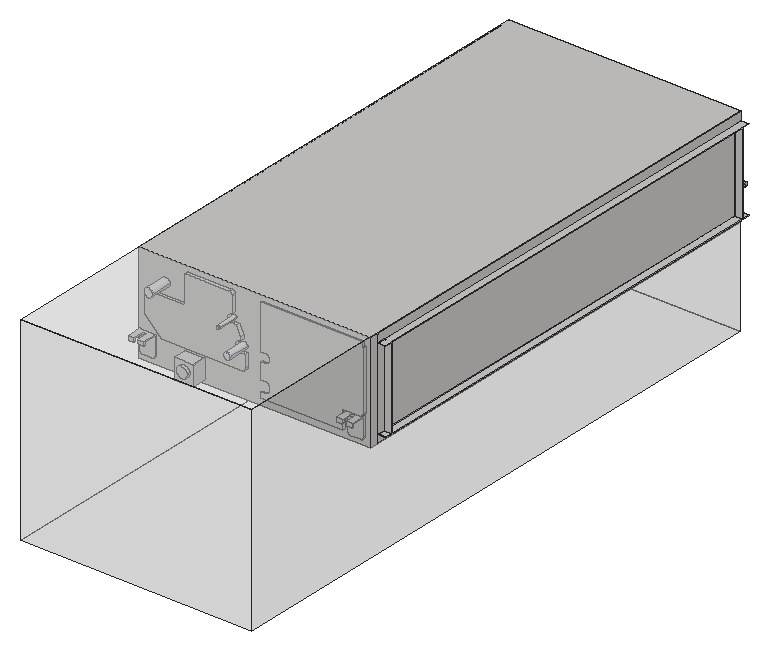
Revit family "outputfile", category 機械設備, Revit 2024
Family settings
  丸型コネクタ寸法 = 半径を使用
  パーツ タイプ = 標準
  OmniClass 番号 = 23.75.10.24.21.27.27
  OmniClass タイトル = Split System Air Conditioning Units
  作業面ベース = いいえ
  常に垂直 = はい
  ロード時にボイドで切り取り = いいえ
  注釈の向きを維持 = いいえ
  共有 = いいえ
  部屋計算ポイント = はい
Parameters (values of type "FXMQ200AFVM")
  Description = ""
  製造元 = "Daikin"
  書き出し IFC クラス(タイプ) = "IfcUnitaryEquipmentType"
  定義済み IFC タイプ(タイプ) = "AIRCONDITIONINGUNIT"
  Cost = 0
  モデル = "FXMQ200AFVM"
  Type Comments = ""
  Keynote = ""
  Type Image = (empty or 0)
  Assembly Code = ""
  w_dischargeflange = 1205.0 mm
  w_dsuctionflange = 1370.0 mm
  r_Liquid Pipe Size = Liquid Pipe Size / 2  # 4.75 mm
  r_Gas Pipe Size = Gas Pipe Size / 2  # 9.55 mm
  r_Drain Pipe Size = Drain Pipe Size / 2  # 12.5 mm
  lw_powersupply = 380.0 mm  # constant formula
  lw_mountinghole_pitch = 631.0 mm  # constant formula
  lw_mountinghole = 27.0 mm  # constant formula
  lw_maintenacesocket = 169.0 mm  # constant formula
  lw_liquidpipe = 290.0 mm  # constant formula
  lw_gaspipe = 318.0 mm  # constant formula
  lw_drainpipe = 80.0 mm  # constant formula
  lh_dischargeflange = 165.0 mm  # constant formula
  lh_powersupply = 56.0 mm  # constant formula
  lh_maintenacesocket = 40.0 mm  # constant formula
  lh_liquidpipe = 212.0 mm  # constant formula
  lh_gaspipe = 144.0 mm  # constant formula
  lh_drainpipe = 232.0 mm  # constant formula
  lh_suctionflange = 150.0 mm  # constant formula
  lh_antena = Height - lh_mountinghole + 1.0 mm  # 221.0 mm
  ld_dischargeflange = 635.0 mm
  ld_powersupply = Depth / 2  # 700.0 mm
  ld_mountinghole_pitch = 1438.0 mm
  ld_suctionflange = 713.0 mm
  h_dischargeflange = 265.0 mm  # constant formula
  lh_mountinghole = 80.0 mm  # constant formula
  h_mountinghole = [h***] + lh_mountinghole  # 80.0 mm
  h_suctionflange = 297.0 mm  # constant formula
  h*** = 0.0 mm  # constant formula
  d_dischargeflange = 25.0 mm  # constant formula
  d_pipe = 65.0 mm
  d_suctionflange = 25.0 mm  # constant formula
  Width = 700.0 mm
  Voltage_comment_60Hz = "220-230"
  Voltage_comment_50Hz = "220-240"
  Voltage_60Hz = 220 V
  Voltage_50Hz = 230 V
  Version = "ver.1.0"
  Unit Type = "Outdoor Air Processing Unit"
  Unit Mass Weight = 47.00 kg
  Unit Designation [instance] = ""
  Uniclass2015Version = "Products v1.30"
  Uniclass2015Title = "Variable refrigerant flow units"
  Uniclass2015Code = "Pr_70_65_03_94"
  URL = ""
  Total Heating Capacity [instance] = 0.000 kW
  Total Cooling Capacity [instance] = 0.000 kW
  Supply Air Direction [instance] = yes
  Sound Pressure Level_M speed (dBA) = 35
  Sound Pressure Level_L speed (dBA) = 26
  Sound Pressure Level_H speed (dBA) = 42
  Sound Power Level_H speed (dB) = 0
  Series = "VRV Fan Coil Unit"
  Sensible Cooling Capacity [instance] = 0.000 kW
  SA Duct Size Width = 1160.0 mm
  SA Duct Size Height = 215.0 mm
  Refrigerant Type = "R410A"
  Power Input (Heating) = 0.155 kW
  Power Input (Cooling) = 0.115 kW
  Phase_60Hz = 1
  Phase_50Hz = 1
  Option Accessory 3 [instance] = ""
  Option Accessory 2 [instance] = ""
  Option Accessory 1 [instance] = ""
  OA Duct Size Width = 1325.0 mm
  OA Duct Size Height = 247.0 mm
  Nominal Heating Capacity = 20.000 kW
  Nominal Cooling Capacity = 22.400 kW
  Minimum External Static Pressure = 50.00 Pa
  Minimum Circuit Amps_60Hz = 2.75 A
  Minimum Circuit Amps_50Hz = 2.75 A
  Minimum Airflow = 870.00 m³/h
  Median Airflow = 1308.00 m³/h
  Maximum Fuse Amps_60Hz = 16.0 A
  Maximum Fuse Amps_50Hz = 16.0 A
  Maximum External Static Pressure = 200.00 Pa
  Maximum Airflow = 1740.00 m³/h
  Material_Casing = DAIKIN_GalvanizedSteel_Casing_indoorunit
  Load Classification = HVAC
  Liquid Pipe Size = 9.5 mm
  Link_Nested Family [instance] = ""
  IfcVersion = "0"
  IfcExportType = "AIRCONDITIONINGUNIT"
  IfcExportAs = "IfcUnitaryEquipmentType"
  Height = 300.0 mm
  Heating Entering Wet Bulb Temperature [instance] = 0.00 °C
  Heating Entering Dry Bulb Temperature [instance] = 0.00 °C
  Heating Ambient Wet Bulb Temperature [instance] = 0.00 °C
  Heating Ambient Dry Bulb Temperature [instance] = 0.00 °C
  Heat Exchanger Type = "Cross Fin Coil"
  Gas Pipe Size = 19.1 mm
  Frequency_60Hz = 60 Hz
  Frequency_50Hz = 50 Hz
  Fan Type = "Sirocco Fan"
  Fan Drive = "Direct Drive"
  FCU Tag No. [instance] = ""
  Drain Pipe Size = 25.0 mm
  Design Supply Airflow [instance] = 0.00 m³/h
  Design Outdoor Airflow [instance] = 0.00 m³/h
  Design External Static Pressure [instance] = 0.00 Pa
  Depth = 1400.0 mm
  既定の高さ = 0.0 mm
  Cooling Entering Wet Bulb Temperature [instance] = 0.00 °C
  Cooling Entering Dry Bulb Temperature [instance] = 0.00 °C
  Cooling Ambient Wet Bulb Temperature [instance] = 0.00 °C
  Cooling Ambient Dry Bulb Temperature [instance] = 0.00 °C
  Clearance visibility [instance] = yes
  Clearance Top = 0.0 mm
  Clearance Right = 0.0 mm
  Clearance Rear = 0.0 mm
  Clearance Left = 0.0 mm
  Clearance Front = 450.0 mm
  Clearance Bottom = 300.0 mm
Reference planes
  plane 1 "Center (Front/Back)": y = 0
  plane 2: z = 0
  plane 3 "Center (Left/Right)": x = 0
  plane 4 "Back": y = 700
  plane 5 "Front": y = -700
  plane 6 "Left": x = -350
  plane 7 "Right": x = 350
  plane 8 "Top": z = 0
  plane 9 "Bottom": z = -300
  plane 10: y = 700
  plane 11: y = -1150
  plane 12: x = 350
  plane 13: x = -350
  plane 14: z = 0
  plane 15: z = -600
  plane 16: y = -706
  plane 17: y = -710
  plane 18: y = -741
  plane 19: y = -749
  plane 20: y = -765
  plane 21 "ld_drainpipe": x = -270
  plane 22 "ld_liquidpipe": x = -60
  plane 23 "ld_gaspipe": x = -32
  plane 24 "lh_gaspipe": z = -156
  plane 25 "lh_drainpipe": z = -68
  plane 26 "lh_liquidpipe": z = -88
  plane 27 "h_mountinghole": z = -220
  plane 28: x = -323
  plane 29: x = 308
  plane 30: y = 719
  plane 31: y = -719
  plane 32 "lh_powersuply": z = -244
  plane 33 "ld_powersupply": x = 30
  plane 34 "lh_dischargeflange": z = -150
  plane 35 "ld_dischargeflange": y = 13
  plane 36 "ld_suctionflange": y = 65
  plane 37 "lh_suctionflange": z = -135
  plane 38 "lh_maintenacesocket": z = -260
  plane 39 "lw_maintenacesocket": x = -181
Forms (mm)
  Extrusion 1, solid, material "DAIKIN_GalvanizedSteel_Casing_indoorunit" <- "Material_Casing"
    sketch origin (0, 0, 0) x (1, 0, 0) y (0, 0, 1)
      loop
        line (-350, 0) -> (-350, -300) -> (350, -300) -> (350, 0) -> (-350, 0)
    from -700 to 700
  Extrusion 2, solid, material "DAIKIN_GalvanizedSteel_Casing_indoorunit" <- "Material_Casing"
    sketch origin (0, 0, 0) x (1, 0, 0) y (0, 0, 1)
      loop
        line (23.104, -151.299) -> (41.1, -151.326)
        arc (41.1, -151.326) -> (46.767, -153.673) -> (49.114, -159.34) r 8.015
        line (49.114, -159.34) -> (49.104, -169.302)
        arc (49.104, -169.302) -> (46.761, -174.959) -> (41.104, -177.302) r 8
        line (41.104, -177.302) -> (23.104, -177.302) -> (23.104, -227.302) -> (41.104, -227.302)
        arc (41.104, -227.302) -> (46.761, -229.645) -> (49.104, -235.302) r 8
        line (49.104, -235.302) -> (49.104, -251.302)
        arc (49.104, -251.302) -> (46.761, -256.959) -> (41.104, -259.302) r 8
        line (41.104, -259.302) -> (23.104, -259.302) -> (23.104, -274.802) -> (271.104, -274.802) -> (271.104, -224.802)
        arc (271.104, -224.802) -> (272.568, -221.266) -> (276.104, -219.802) r 5
        line (276.104, -219.802) -> (327.104, -219.802)
        spline (327.104, -219.802) -> (327.496, -219.776) -> (327.88, -219.7) -> (328.252, -219.574) -> (328.604, -219.4) -> (328.93, -219.182) -> (329.225, -218.923) -> (329.484, -218.628) -> (329.702, -218.302) -> (329.876, -217.95) -> (330.002, -217.578) -> (330.078, -217.194) -> (330.104, -216.802)
        line (330.104, -216.802) -> (330.104, -213) -> (332, -213)
        arc (332, -213) -> (334.121, -212.121) -> (335, -210) r 3
        line (335, -210) -> (335, -32)
        arc (335, -32) -> (334.121, -29.879) -> (332, -29) r 3
        line (332, -29) -> (330.104, -29) -> (330.104, -15.8) -> (23.104, -15.8) -> (23.104, -151.299)
    from 700 to 706
  Extrusion 3, solid, material "DAIKIN_GalvanizedSteel_Casing_indoorunit" <- "Material_Casing"
    sketch origin (0, 0, 0) x (1, 0, 0) y (0, 0, 1)
      loop
        line (-70, -15.8) -> (-201, -15.8)
        arc (-201, -15.8) -> (-203.121, -16.679) -> (-204, -18.8) r 3
        line (-204, -18.8) -> (-204, -102) -> (-321, -102)
        arc (-321, -102) -> (-323.121, -102.879) -> (-324, -105) r 3
        line (-324, -105) -> (-324, -167.757)
        arc (-324, -167.757) -> (-323.772, -168.905) -> (-323.121, -169.879) r 3
        line (-323.121, -169.879) -> (-274.879, -218.121)
        arc (-274.879, -218.121) -> (-273.905, -218.772) -> (-272.757, -219) r 3
        line (-272.757, -219) -> (-30, -219)
        arc (-30, -219) -> (-22.929, -216.071) -> (-20, -209) r 10
        line (-20, -209) -> (-20, -172.5) -> (-26.169, -172.5)
        arc (-26.169, -172.5) -> (-49.051, -159.94) -> (-34, -138.615) r 17.5
        line (-34, -138.615) -> (-34, -127.5) -> (-47, -100.5) -> (-56.429, -100.5)
        arc (-56.429, -100.5) -> (-72.874, -89.803) -> (-60, -75) r 13
        line (-60, -75) -> (-60, -25.8)
        arc (-60, -25.8) -> (-62.929, -18.729) -> (-70, -15.8) r 10
    from 710 to 700
  Extrusion 4, solid, material "DAIKIN_GalvanizedSteel_Casing_indoorunit" <- "Material_Casing"
    sketch origin (0, 0, 0) x (1, 0, 0) y (0, 0, 1)
      loop
        line (-209.102, -232.7) -> (-209.102, -292.398) -> (-152.898, -292.398) -> (-152.898, -232.7)
        arc (-152.898, -232.7) -> (-153.133, -232.133) -> (-153.7, -231.898) r 0.802
        line (-153.7, -231.898) -> (-208.298, -231.898)
        arc (-208.298, -231.898) -> (-208.865, -232.133) -> (-209.102, -232.7) r 0.802
    from 700 to 741
  Extrusion 5, solid, material "DAIKIN_GalvanizedSteel_Casing_indoorunit" <- "Material_Casing"
    sketch origin (0, 0, 0) x (1, 0, 0) y (0, 0, 1)
      loop
        circle (-181, -260) r 16.5
    from 741 to 749
  Extrusion 6, solid
    sketch origin (0, 0, 0) x (1, 0, 0) y (0, 0, 1)
      loop
        circle (-270, -68) r 12.5
      loop
        circle (-60, -88) r 4.75
      loop
        circle (-32, -156) r 9.55
    from 700 to 765
Dimensions and locks
  "Height": plane 8 "Top" to plane 9 "Bottom"
  equal spacing: plane 6 "Left", plane 3 "Center (Left/Right)", plane 7 "Right", locked at 350 each
  "Width": plane 6 "Left" to plane 7 "Right"
  equal spacing: plane 4 "Back", plane 1 "Center (Front/Back)", plane 5 "Front"
  "Depth": plane 4 "Back" to plane 5 "Front"
  "Clearance Left": plane 13 to plane 6 "Left"
  "Clearance Right": plane 7 "Right" to plane 12
  "Clearance Rear": plane 10 to plane 4 "Back"
  "Clearance Front": plane 5 "Front" to plane 11
  "Clearance Top": plane 14 to plane 8 "Top"
  "Clearance Bottom": plane 9 "Bottom" to plane 15
  Extrusion 2 sketch curve to Extrusion 2 sketch curve to Extrusion 2 sketch curve = 307.0 mm locked, 4.896 mm locked
  Extrusion 2 sketch curve to Extrusion 2 sketch curve to Extrusion 2 sketch curve to Extrusion 2 sketch curve to Extrusion 2 sketch curve = 26.0 mm locked, 222.0 mm locked, 59.0 mm locked, 4.896 mm locked
  locked: Extrusion 2 sketch curve to Extrusion 2 sketch curve at 26.01
  locked: Extrusion 2 sketch curve to nested 1 at 23.104
  locked: Extrusion 2 sketch curve to plane 3 "Center (Left/Right)" at 23.104
  plane 3 "Center (Left/Right)" to Extrusion 2 sketch curve = 23.104 mm
  Extrusion 2 sketch curve to Extrusion 2 sketch curve to Extrusion 2 sketch curve to Extrusion 2 sketch curve to Extrusion 2 sketch curve = 161.502 mm locked, 50.0 mm locked, 32.0 mm locked, 15.5 mm locked
  locked: Extrusion 2 sketch curve to Extrusion 2 sketch curve at 68.127
  locked: Extrusion 2 sketch curve to Extrusion 2 sketch curve at 13.2
  locked: Extrusion 2 sketch curve to Extrusion 2 sketch curve at 6.802
  locked: Extrusion 2 sketch curve to Extrusion 2 sketch curve at 55
  locked: plane 5 "Front" to plane 16 at 6
  locked: plane 5 "Front" to plane 17 at 10
  locked: plane 5 "Front" to plane 18 at 41
  "d_pipe": plane 5 "Front" to plane 20
  "lw_drainpipe": plane 6 "Left" to plane 21 "ld_drainpipe"
  "lw_liquidpipe": plane 6 "Left" to plane 22 "ld_liquidpipe"
  "lw_gaspipe": plane 6 "Left" to plane 23 "ld_gaspipe"
  "lh_gaspipe": plane 24 "lh_gaspipe" to plane 9 "Bottom"
  "lh_liquidpipe": plane 26 "lh_liquidpipe" to plane 9 "Bottom"
  "lh_drainpipe": plane 25 "lh_drainpipe" to plane 9 "Bottom"
  "lh_mountinghole": plane 27 "h_mountinghole" to plane 9 "Bottom"
  "lw_mountinghole": plane 6 "Left" to plane 28
  "lw_mountinghole_pitch": plane 28 to plane 29
  equal spacing: plane 30, plane 1 "Center (Front/Back)", plane 31
  "ld_mountinghole_pitch": plane 30 to plane 31
  locked: Extrusion 3 sketch curve to plane 6 "Left" at 146
  locked: Extrusion 3 sketch curve to plane 6 "Left" at 290
  locked: plane 6 "Left" to Extrusion 3 sketch curve at 26
  locked: Extrusion 3 sketch curve to plane 6 "Left" at 316
  locked: Extrusion 3 sketch curve to plane 6 "Left" at 330
  locked: Extrusion 3 sketch curve to plane 9 "Bottom" at 81
  locked: Extrusion 3 sketch curve to plane 9 "Bottom" at 284.2
  locked: Extrusion 3 sketch curve to plane 9 "Bottom" at 199.5
  locked: Extrusion 3 sketch curve to plane 9 "Bottom" at 127.5
  locked: Extrusion 3 sketch curve to plane 9 "Bottom" at 198
  "lh_powersupply": plane 32 "lh_powersuply" to plane 9 "Bottom"
  "lw_powersupply": plane 6 "Left" to plane 33 "ld_powersupply"
  "lh_suctionflange": plane 34 "lh_dischargeflange" to plane 9 "Bottom"
  "ld_suctionflange": plane 35 "ld_dischargeflange" to plane 5 "Front"
  "ld_dischargeflange": plane 4 "Back" to plane 36 "ld_suctionflange"
  "lh_dischargeflange": plane 37 "lh_suctionflange" to plane 9 "Bottom"
  locked: plane 5 "Front" to plane 19 at 49
  "lh_maintenacesocket": plane 38 "lh_maintenacesocket" to plane 9 "Bottom"
  "lw_maintenacesocket": plane 6 "Left" to plane 39 "lw_maintenacesocket"
  equal spacing: Extrusion 4 sketch curve, plane 39 "lw_maintenacesocket", Extrusion 4 sketch curve
  locked: Extrusion 4 sketch curve to Extrusion 4 sketch curve at 56.204
  Extrusion 4 sketch curve to plane 38 "lh_maintenacesocket" to Extrusion 4 sketch curve = 28.102 mm locked, 32.398 mm locked
  "r_Drain Pipe Size": radius of Extrusion 6 sketch curve
  "r_Liquid Pipe Size": radius of Extrusion 6 sketch curve
  "r_Gas Pipe Size": radius of Extrusion 6 sketch curve
  aligned and locked: level to plane 2
  aligned and locked: Extrusion 1 sketch curve to plane 8 "Top"
  aligned and locked: plane 6 "Left" to Extrusion 1 sketch curve
  aligned and locked: plane 9 "Bottom" to Extrusion 1 sketch curve
  aligned and locked: Extrusion 1 sketch curve to plane 7 "Right"
  aligned and locked: plane 4 "Back" to Extrusion 1
  aligned and locked: Extrusion 1 to plane 5 "Front"
  aligned and locked: plane 10 to nested 1
  aligned and locked: plane 11 to nested 1
  aligned and locked: plane 12 to nested 1
  aligned and locked: nested 1 to plane 13
  aligned and locked: plane 15 to nested 1
  aligned and locked: plane 14 to nested 1
  aligned and locked: Extrusion 2 to plane 16
  aligned and locked: plane 5 "Front" to Extrusion 2
  aligned and locked: Extrusion 4 to plane 18
  aligned and locked: plane 5 "Front" to Extrusion 4
  aligned and locked: Extrusion 5 to plane 19
  aligned and locked: plane 18 to Extrusion 5
  aligned and locked: plane 25 "lh_drainpipe" to Extrusion 6 sketch curve
  aligned and locked: plane 21 "ld_drainpipe" to Extrusion 6 sketch curve
  aligned and locked: plane 26 "lh_liquidpipe" to Extrusion 6 sketch curve
  aligned and locked: plane 22 "ld_liquidpipe" to Extrusion 6 sketch curve
  aligned and locked: plane 23 "ld_gaspipe" to Extrusion 6 sketch curve
  aligned and locked: plane 24 "lh_gaspipe" to Extrusion 6 sketch curve
  aligned and locked: Extrusion 6 to plane 20
  aligned and locked: plane 5 "Front" to Extrusion 6
  aligned and locked: nested 2 to plane 5 "Front"
  aligned and locked: nested 2 to plane 21 "ld_drainpipe"
  aligned and locked: plane 25 "lh_drainpipe" to nested 2
  aligned and locked: nested 3 to plane 5 "Front"
  aligned and locked: nested 4 to plane 5 "Front"
  aligned and locked: plane 26 "lh_liquidpipe" to nested 3
  aligned and locked: plane 24 "lh_gaspipe" to nested 4
  aligned and locked: plane 29 to nested 5
  aligned and locked: plane 4 "Back" to nested 5
  aligned and locked: plane 27 "h_mountinghole" to nested 5
  aligned and locked: plane 28 to nested 6
  aligned and locked: plane 4 "Back" to nested 6
  aligned and locked: plane 27 "h_mountinghole" to nested 6
  aligned and locked: nested 7 to plane 29
  aligned and locked: plane 5 "Front" to nested 7
  aligned and locked: plane 5 "Front" to nested 8
  aligned and locked: nested 8 to plane 28
  aligned and locked: nested 7 to plane 27 "h_mountinghole"
  aligned and locked: nested 8 to plane 27 "h_mountinghole"
  aligned and locked: Extrusion 3 to plane 17
  aligned and locked: plane 5 "Front" to Extrusion 3
  aligned and locked: nested 11 to plane 28
  aligned and locked: nested 11 to plane 30
  aligned and locked: nested 12 to plane 29
  aligned and locked: nested 12 to plane 30
  aligned and locked: nested 9 to plane 29
  aligned and locked: plane 31 to nested 9
  aligned and locked: nested 10 to plane 28
  aligned and locked: plane 31 to nested 10
  aligned and locked: nested 13 to plane 32 "lh_powersuply"
  aligned and locked: plane 1 "Center (Front/Back)" to nested 14
  aligned and locked: nested 14 to plane 3 "Center (Left/Right)"
  aligned and locked: plane 34 "lh_dischargeflange" to nested 15
  aligned and locked: plane 7 "Right" to nested 15
  aligned and locked: plane 35 "ld_dischargeflange" to nested 15
  aligned and locked: nested 16 to plane 36 "ld_suctionflange"
  aligned and locked: nested 16 to plane 6 "Left"
  aligned and locked: plane 37 "lh_suctionflange" to nested 16
  aligned and locked: nested 17 to plane 6 "Left"
  aligned and locked: nested 17 to plane 36 "ld_suctionflange"
  aligned and locked: plane 7 "Right" to nested 18
  aligned and locked: plane 35 "ld_dischargeflange" to nested 18
  aligned and locked: nested 18 to plane 34 "lh_dischargeflange"
  aligned and locked: nested 17 to plane 37 "lh_suctionflange"
  aligned and locked: plane 38 "lh_maintenacesocket" to Extrusion 5 sketch curve
  aligned and locked: plane 39 "lw_maintenacesocket" to Extrusion 5 sketch curve
  aligned and locked: nested 3 to plane 22 "ld_liquidpipe"
  aligned and locked: nested 4 to plane 23 "ld_gaspipe"
  aligned and locked: nested 13 to plane 33 "ld_powersupply"
  aligned and locked: level to plane 8 "Top"
Automatic sketch dimensions
  Extrusion 2 sketch curve to Extrusion 2 sketch curve = 0.027 mm
  Extrusion 2 sketch curve to Extrusion 2 sketch curve = 8.015 mm
  Extrusion 2 sketch curve to Extrusion 2 sketch curve = 8.01 mm
  Extrusion 2 sketch curve to Extrusion 2 sketch curve = 0.0 mm  (x4)
  Extrusion 2 sketch curve to Extrusion 2 sketch curve = 8.0 mm  (x3)
  Extrusion 2 sketch curve to Extrusion 2 sketch curve = 5.0 mm
  Extrusion 2 sketch curve to Extrusion 2 sketch curve = 3.0 mm  (x2)
  Extrusion 2 sketch curve to Extrusion 2 sketch curve = 1.896 mm  (x2)
  Extrusion 2 sketch curve to plane 8 "Top" = 15.8 mm
  Extrusion 4 sketch curve to Extrusion 4 sketch curve = 0.804 mm
  Extrusion 4 sketch curve to Extrusion 4 sketch curve = 0.802 mm  (x2)
  Extrusion 4 sketch curve to Extrusion 4 sketch curve = 0.0 mm
  plane 23 "ld_gaspipe" to Extrusion 3 sketch curve = 0.0 mm
  Extrusion 3 sketch curve to plane 24 "lh_gaspipe" = 0.0 mm
  Extrusion 3 sketch curve to plane 26 "lh_liquidpipe" = 0.0 mm
  plane 28 to Extrusion 3 sketch curve = 0.121 mm
  Extrusion 3 sketch curve to plane 28 = 2.0 mm  (x2)
  plane 21 "ld_drainpipe" to Extrusion 3 sketch curve = 4.879 mm
  plane 21 "ld_drainpipe" to Extrusion 3 sketch curve = 2.757 mm
  Extrusion 3 sketch curve to Extrusion 3 sketch curve = 3.0 mm  (x2)
  plane 22 "ld_liquidpipe" to Extrusion 3 sketch curve = 10.0 mm
  Extrusion 3 sketch curve to plane 22 "ld_liquidpipe" = 3.571 mm
  Extrusion 3 sketch curve to Extrusion 3 sketch curve = 9.429 mm
  Extrusion 3 sketch curve to plane 23 "ld_gaspipe" = 2.0 mm
  Extrusion 3 sketch curve to plane 23 "ld_gaspipe" = 5.831 mm
  Extrusion 3 sketch curve to plane 24 "lh_gaspipe" = 11.757 mm
  Extrusion 3 sketch curve to Extrusion 3 sketch curve = 11.115 mm
  radius of Extrusion 5 sketch curve = 16.5 mm
Nested families
  nested 1: "daikin_clearancespace" at (0, -225, -299.881), visible <- "Clearance visibility", show <- "Clearance visibility", Link_Nested Family <- "Link_Nested Family", type "daikin_clearancespace"
    with width 700.0 mm, show yes, height 600.0 mm, depth 1850.0 mm, Link_Nested Family ""
  nested 2: "daikin_connector_rotate2" at (-270, -700, -68), length <- "d_pipe", radius <- "r_Drain Pipe Size", type "daikin_connector_rotate2"
    with radius 12.5 mm, length 65.0 mm, angle_vertical 90.00°, show_face no
  nested 3: "daikin_connector_rotate2" at (-60, -700, -88), length <- "d_pipe", radius <- "r_Liquid Pipe Size", type "daikin_connector_rotate2"
    with radius 4.75 mm, length 65.0 mm, angle_vertical 90.00°, show_face no
  nested 4: "daikin_connector_rotate2" at (-32, -700, -156), length <- "d_pipe", radius <- "r_Gas Pipe Size", type "daikin_connector_rotate2"
    with radius 9.55 mm, length 65.0 mm, angle_vertical 90.00°, show_face no
  nested 5: "daikin_hangerfixture_CeilingMountedDuct" at (308, 700, -220) x (-1, 0, 0) z (0, 0, 1), type "daikin_hangerfixture_CeilingMountedDuct"
  nested 6: "daikin_hangerfixture_CeilingMountedDuct" at (-323, 700, -220) x (-1, 0, 0) z (0, 0, 1), type "daikin_hangerfixture_CeilingMountedDuct"
  nested 7: "daikin_hangerfixture_CeilingMountedDuct" at (308, -700, -220) x (-1, 0, 0) z (0, 0, 1), type "daikin_hangerfixture_CeilingMountedDuct"
  nested 8: "daikin_hangerfixture_CeilingMountedDuct" at (-323, -700, -220) x (-1, 0, 0) z (0, 0, 1), type "daikin_hangerfixture_CeilingMountedDuct"
  nested 9: "daikin_mountinghole" at (308, -719, -300), Link_Nested Family <- "Link_Nested Family", l_antenna <- "lh_antena", h_mountinghole <- "h_mountinghole", type "daikin_mountinghole"
    with show yes, l_antenna 221.0 mm, h_mountinghole 80.0 mm, Link_Nested Family ""
  nested 10: "daikin_mountinghole" at (-323, -719, -300), Link_Nested Family <- "Link_Nested Family", l_antenna <- "lh_antena", h_mountinghole <- "h_mountinghole", type "daikin_mountinghole"
    with show yes, l_antenna 221.0 mm, h_mountinghole 80.0 mm, Link_Nested Family ""
  nested 11: "daikin_mountinghole" at (-323, 719, -300), Link_Nested Family <- "Link_Nested Family", l_antenna <- "lh_antena", h_mountinghole <- "h_mountinghole", type "daikin_mountinghole"
    with show yes, l_antenna 221.0 mm, h_mountinghole 80.0 mm, Link_Nested Family ""
  nested 12: "daikin_mountinghole" at (308, 719, -300), Link_Nested Family <- "Link_Nested Family", l_antenna <- "lh_antena", h_mountinghole <- "h_mountinghole", type "daikin_mountinghole"
    with show yes, l_antenna 221.0 mm, h_mountinghole 80.0 mm, Link_Nested Family ""
  nested 13: "daikin_connector_rotate2" at (30, 0, -244), length <- "ld_powersupply", type "daikin_connector_rotate2"
    with radius 10.0 mm, length 700.0 mm, angle_vertical 90.00°, show_face no
  nested 14: "daikin_△_symbolicline" at (0, 0, 300) x (0, -1, 0) z (0, 0, 1), visible <- "Supply Air Direction", built-in parameter 1001364 <- "Height", type "daikin_△_symbolicline"
    with length 300.0 mm
  nested 15: "daikin_ductflange_FXMQ-AFVM" at (350, 13, -298.5) x (0, 1, 0) z (0, 0, 1), depth <- "d_suctionflange", height <- "h_suctionflange", width <- "w_dsuctionflange", material <- "Material_Casing", type "daikin_ductflange_FXMQ-AFVM"
    with width 1370.0 mm, top1 25.0 mm, right1 22.5 mm, material DAIKIN_GalvanizedSteel_Casing_indoorunit, left1 22.5 mm, height 297.0 mm, depth 25.0 mm, Bottom1 25.0 mm
  nested 16: "daikin_ductflange_FXMQ-AFVM" at (-350, 65, -267.5) x (0, -1, 0) z (0, 0, 1), material <- "Material_Casing", depth <- "d_dischargeflange", height <- "h_dischargeflange", width <- "w_dischargeflange", type "daikin_ductflange_FXMQ-AFVM"
    with width 1205.0 mm, top1 25.0 mm, right1 22.5 mm, material DAIKIN_GalvanizedSteel_Casing_indoorunit, left1 22.5 mm, height 265.0 mm, depth 25.0 mm, Bottom1 25.0 mm
  nested 17: "daikin_connector_rotate2" at (-350, 65, -135) x (0, -1, 0) z (0, 0, 1), length <- "d_dischargeflange", type "daikin_connector_rotate2"
    with radius 10.0 mm, length 25.0 mm, angle_vertical 90.00°, show_face no
  nested 18: "daikin_connector_rotate2" at (350, 13, -150) x (0, 1, 0) z (0, 0, 1), length <- "d_suctionflange", type "daikin_connector_rotate2"
    with radius 10.0 mm, length 25.0 mm, angle_vertical 90.00°, show_face no
Connectors
  piping at (-270, -765, -68), diameter 25, driven by "r_Drain Pipe Size"
    settings: on nested 2, index 1, connector inside diameter 609.6 mm, connector length 0.0 mm, flow factor 0, pipe flow 0.00 m³/h, pressure drop 0.0 Pa, fitting loss kfactor 0, connector angle 0.00°, fixture units 0, engagement length 0.0 mm, angle of deflection 0.00°, flow configuration 1, flow direction 2, fitting loss method 4, system type 16, joint type 0, gender type 0, connector reference index -1, connector utility 0, adjustable connector no, is connector primary yes, connector description "Condensate Drain Piping"
  piping at (-60, -765, -88), diameter 9.5, driven by "r_Liquid Pipe Size"
    settings: on nested 3, index 2, connector inside diameter 609.6 mm, connector length 0.0 mm, flow factor 0, pipe flow 0.00 m³/h, pressure drop 0.0 Pa, fitting loss kfactor 0, connector angle 0.00°, fixture units 0, engagement length 0.0 mm, angle of deflection 0.00°, flow configuration 1, flow direction 1, fitting loss method 0, system type 29, joint type 0, gender type 0, connector reference index -1, connector utility 0, adjustable connector no, is connector primary no, connector description "Refrigerant Liquid Piping"
  piping at (-32, -765, -156), diameter 19.1, driven by "r_Gas Pipe Size"
    settings: on nested 4, index 3, connector inside diameter 609.6 mm, connector length 0.0 mm, flow factor 0, pipe flow 0.00 m³/h, pressure drop 0.0 Pa, fitting loss kfactor 0, connector angle 0.00°, fixture units 0, engagement length 0.0 mm, angle of deflection 0.00°, flow configuration 1, flow direction 2, fitting loss method 0, system type 29, joint type 0, gender type 0, connector reference index -1, connector utility 0, adjustable connector no, is connector primary no, connector description "Refrigerant Gas Piping"
  electrical at (30, -700, -244), driven by "Load Classification"
    settings: on nested 13, index 4, voltage 0 V, apparent load 0 VA, apparent load phase1 0 VA, apparent load phase2 0 VA, apparent load phase3 0 VA, power factor 1, load classification "HVAC", number of poles 1, system type 30, power factor state 1, is connector primary yes, connector utility no, sub classification motor no, connector description "Power Supply"
  hvac at (375, 13, -150), driven by "OA Duct Size Height", driven by "OA Duct Size Width"
    settings: on nested 15, index 5, duct flow 0.00 m³/h, flow factor 0, pres drop 0.00 Pa, loss coef 0, conn angle 0.00°, conn width 1325.0 mm, conn height 247.0 mm, conn diameter 609.6 mm, duct sys type 1, conn prof type 1, flow config 0, flow direction 1, loss method 4, conn ref index -1, conn util no, is conn primary no, conn desc "OA Duct"
  hvac at (-375, 65, -135), driven by "SA Duct Size Height", driven by "SA Duct Size Width"
    settings: on nested 16, index 6, duct flow 0.00 m³/h, flow factor 0, pres drop 0.00 Pa, loss coef 0, conn angle 0.00°, conn width 1160.0 mm, conn height 215.0 mm, conn diameter 609.6 mm, duct sys type 1, conn prof type 1, flow config 0, flow direction 2, loss method 4, conn ref index -1, conn util no, is conn primary yes, conn desc "SA Duct"
Definition of nested family "daikin_clearancespace"
  Parameters (values of type "daikin_clearancespace")
    width [instance] = 1823.963 mm
    show [instance] = yes
    material = none
    height [instance] = 1359.762 mm
    depth [instance] = 880.0 mm
    Default Elevation = 0.0 mm
    Link_Nested Family [instance] = ""
  Reference planes
    plane 1 "Center (Front/Back)": y = 0
    plane 2 "Center (Elevation)": z = -0.119
    plane 3 "Center (Left/Right)": x = 0
    plane 4: y = 440
    plane 5: y = -440
    plane 6 "Right": x = 911.982
    plane 7 "Left": x = -911.982
    plane 8 "Top": z = 679.762
    plane 9 "Bottom": z = -680
  Forms (mm)
    Extrusion 1, solid, material <- "material", visible <- "show"
      sketch origin (0, 0, 0) x (1, 0, 0) y (0, 1, 0)
        loop
          line (-911.982, 440) -> (-911.982, -440) -> (911.982, -440) -> (911.982, 440) -> (-911.982, 440)
      from -680 to 679.762
  Lines and regions (mm)
    symbolic lines, visible <- "show"
      curve 1: line (911.982, 440, 0) -> (-911.982, 440, 0)
      curve 2: line (-911.982, 440, 0) -> (-911.982, -440, 0)
      curve 3: line (-911.982, -440, 0) -> (911.982, -440, 0)
      curve 4: line (911.982, -440, 0) -> (911.982, 440, 0)
      curve 5: line (911.982, 0, 679.762) -> (-911.982, 0, 679.762)
      curve 6: line (911.982, 0, -680) -> (911.982, 0, 679.762)
      curve 7: line (-911.982, 0, -680) -> (911.982, 0, -680)
      curve 8: line (-911.982, 0, 679.762) -> (-911.982, 0, -680)
      curve 9: line (0, 440, 679.762) -> (0, -440, 679.762)
      curve 10: line (0, -440, 679.762) -> (0, -440, -680)
      curve 11: line (0, 440, -680) -> (0, 440, 679.762)
      curve 12: line (0, -440, -680) -> (0, 440, -680)
  Dimensions and locks
    "width": plane 7 "Left" to plane 6 "Right"
    "depth": plane 4 to plane 5
    "height": plane 8 "Top" to plane 9 "Bottom"
    equal spacing: plane 7 "Left", plane 3 "Center (Left/Right)", plane 6 "Right"
    equal spacing: plane 4, plane 1 "Center (Front/Back)", plane 5
    equal spacing: plane 8 "Top", plane 2 "Center (Elevation)", plane 9 "Bottom"
    aligned and locked: level to plane 2 "Center (Elevation)"
    aligned and locked: Extrusion 1 sketch curve to plane 4
    aligned and locked: plane 7 "Left" to Extrusion 1 sketch curve
    aligned and locked: Extrusion 1 sketch curve to plane 5
    aligned and locked: Extrusion 1 sketch curve to plane 6 "Right"
    aligned and locked: plane 8 "Top" to Extrusion 1
    aligned and locked: curve 1 to Extrusion 1
    aligned and locked: curve 2 to Extrusion 1
    aligned and locked: curve 3 to Extrusion 1
    aligned and locked: curve 4 to Extrusion 1
    aligned and locked: curve 5 to Extrusion 1
    aligned and locked: curve 6 to Extrusion 1
    aligned and locked: curve 7 to Extrusion 1
    aligned and locked: curve 8 to Extrusion 1
    aligned and locked: curve 9 to Extrusion 1
    aligned and locked: curve 10 to Extrusion 1
    aligned and locked: curve 11 to Extrusion 1
    aligned and locked: curve 12 to Extrusion 1
    aligned and locked: Extrusion 1 to plane 9 "Bottom"
Definition of nested family "daikin_hangerfixture_CeilingMountedDuct"
  Parameters (values of type "daikin_hangerfixture_CeilingMountedDuct")
    width = 48.0 mm
    material = none
    height = 65.0 mm
    depth = 45.0 mm
    Default Elevation = 0.0 mm
  Reference planes
    plane 1 "Center (Front/Back)": y = 0
    plane 2: z = 0
    plane 3 "Center (Left/Right)": x = 0
    plane 4: y = 417.146
    plane 5: y = -45
    plane 6: x = -24
    plane 7: x = 24
    plane 8: z = -2.3
    plane 9: z = -65
    plane 10: y = -2.3
    plane 11: z = -12
    plane 12: y = -42.7
  Forms (mm)
    Extrusion 1, solid, material <- "material"
      sketch origin (0, 0, 0) x (1, 0, 0) y (0, 1, 0)
        loop
          line (24, 0) -> (-24, 0) -> (-24, -45) -> (-6, -45) -> (-6, -19)
          arc (-6, -19) -> (0, -13) -> (6, -19) r 6
          line (6, -19) -> (6, -45) -> (24, -45) -> (24, 0)
      from 0 to -2.3
    Extrusion 2, solid, material <- "material"
      sketch origin (0, 0, 0) x (1, 0, 0) y (0, 0, 1)
        loop
          line (24, -55) -> (24, 0) -> (-24, 0) -> (-24, -55)
          arc (-24, -55) -> (-21.071, -62.071) -> (-14, -65) r 10
          line (-14, -65) -> (14, -65)
          arc (14, -65) -> (21.071, -62.071) -> (24, -55) r 10
      from 0 to 2.3
    Extrusion 3, solid, material <- "material"
      sketch origin (0, 0, 0) x (1, 0, 0) y (0, 0, 1)
        loop
          line (-6, -9) -> (-6, 0) -> (-24, 0) -> (-24, -9)
          arc (-24, -9) -> (-23.121, -11.121) -> (-21, -12) r 3
          line (-21, -12) -> (-9, -12)
          arc (-9, -12) -> (-6.879, -11.121) -> (-6, -9) r 3
        loop
          line (6, 0) -> (6, -9)
          arc (6, -9) -> (6.879, -11.121) -> (9, -12) r 3
          line (9, -12) -> (21, -12)
          arc (21, -12) -> (23.121, -11.121) -> (24, -9) r 3
          line (24, -9) -> (24, 0) -> (6, 0)
      from 42.7 to 45
  Cuts and joins
    joined: Extrusion 1, Extrusion 2, Extrusion 3
  Dimensions and locks
    "width": plane 6 to plane 7
    "depth": plane 5 to plane 1 "Center (Front/Back)"
    plane 2 to plane 8 = 2.3 mm
    "height": plane 2 to plane 9
    locked: plane 10 to plane 1 "Center (Front/Back)" at 2.3
    locked: plane 2 to plane 11 at 12
    locked: plane 12 to plane 5 at 2.3
    aligned and locked: level to plane 2
    aligned and locked: Extrusion 1 sketch curve to plane 1 "Center (Front/Back)"
    aligned and locked: plane 7 to Extrusion 1
    aligned and locked: Extrusion 1 to plane 6
    aligned and locked: Extrusion 1 to plane 5  (x2)
    aligned and locked: Extrusion 1 to plane 8
    aligned and locked: plane 2 to Extrusion 1
    aligned and locked: plane 2 to Extrusion 2 sketch curve
    aligned and locked: Extrusion 2 to plane 9
    aligned and locked: Extrusion 2 to plane 10
    aligned and locked: Extrusion 2 to plane 1 "Center (Front/Back)"
    aligned and locked: plane 2 to Extrusion 3 sketch curve  (x2)
    aligned and locked: Extrusion 3 to plane 11  (x2)
    aligned and locked: plane 12 to Extrusion 3
    aligned and locked: Extrusion 3 to plane 5
  Automatic sketch dimensions
    Extrusion 1 sketch curve to plane 6 = 0.0 mm
    Extrusion 1 sketch curve to plane 5 = 0.0 mm  (x2)
    Extrusion 1 sketch curve to plane 3 "Center (Left/Right)" = 0.0 mm
    Extrusion 1 sketch curve to plane 7 = 0.0 mm
    Extrusion 1 sketch curve to plane 3 "Center (Left/Right)" = 6.0 mm
    plane 1 "Center (Front/Back)" to Extrusion 1 sketch curve = 19.0 mm
    Extrusion 2 sketch curve to plane 7 = 0.0 mm
    Extrusion 2 sketch curve to plane 7 = 10.0 mm
    Extrusion 2 sketch curve to plane 8 = 52.7 mm
    plane 6 to Extrusion 2 sketch curve = 10.0 mm
    Extrusion 2 sketch curve to plane 6 = 0.0 mm
    Extrusion 3 sketch curve to plane 6 = 0.0 mm
    Extrusion 3 sketch curve to plane 7 = 0.0 mm
    Extrusion 3 sketch curve to Extrusion 3 sketch curve = 3.0 mm  (x2)
    Extrusion 3 sketch curve to plane 8 = 6.7 mm
    Extrusion 3 sketch curve to plane 3 "Center (Left/Right)" = 9.0 mm
    Extrusion 3 sketch curve to plane 3 "Center (Left/Right)" = 6.0 mm
    plane 3 "Center (Left/Right)" to Extrusion 3 sketch curve = 6.0 mm
    Extrusion 3 sketch curve to plane 7 = 3.0 mm
    Extrusion 3 sketch curve to plane 8 = 9.7 mm
Definition of nested family "daikin_ductflange_FXMQ-AFVM"
  Parameters (values of type "daikin_ductflange_CeilingMountedDuct")
    width [instance] = 670.0 mm
    right1 [instance] = 22.5 mm
    left1 [instance] = 22.5 mm
    Bottom1 [instance] = 25.0 mm
    material [instance] = none
    height [instance] = 272.0 mm
    depth [instance] = 25.0 mm
    top1 [instance] = 25.0 mm
    Default Elevation = 0.0 mm
  Reference planes
    plane 1 "Center (Front/Back)": y = 0
    plane 2: z = 0
    plane 3 "Center (Left/Right)": x = 0
    plane 4: y = -25
    plane 5: x = -335
    plane 6: x = 335
    plane 7 "Top": z = 272
    plane 8: y = -1
    plane 9: x = -312.5
    plane 10: x = 312.5
    plane 11: z = 247
    plane 12: z = 25
    plane 13 "Center (Elevation)": z = 136
  Forms (mm)
    Extrusion 1, solid, material <- "material"
      sketch origin (0, 0, 0) x (1, 0, 0) y (0, 0, 1)
        loop
          line (-335, 272) -> (-335, 0) -> (335, 0) -> (335, 272) -> (-335, 272)
        loop
          line (-312.5, 247) -> (-312.5, 25) -> (312.5, 25) -> (312.5, 247) -> (-312.5, 247)
      from 0 to 1
    Extrusion 2, solid, material <- "material"
      sketch origin (0, 0, 0) x (1, 0, 0) y (0, 1, 0)
        loop
          line (-312.5, -1) -> (-313.496, -1) -> (-313.496, -25) -> (-312.5, -25) -> (-312.5, -1)
        loop
          line (312.5, -1) -> (312.5, -25) -> (313.496, -25) -> (313.496, -1) -> (312.5, -1)
      from 25 to 247
    Extrusion 3, solid, material <- "material"
      sketch origin (0, 0, 0) x (0, 1, 0) y (0, 0, 1)
        loop
          line (-1, 247) -> (-1, 247.958) -> (-25, 247.958) -> (-25, 247) -> (-1, 247)
        loop
          line (-1, 25) -> (-25, 25) -> (-25, 24.042) -> (-1, 24.042) -> (-1, 25)
      from -335 to 335
  Cuts and joins
    joined: Extrusion 1, Extrusion 2, Extrusion 3
  Dimensions and locks
    "height": plane 7 "Top" to plane 2
    "width": plane 5 to plane 6
    equal spacing: plane 5, plane 3 "Center (Left/Right)", plane 6
    "depth": plane 1 "Center (Front/Back)" to plane 4
    locked: plane 8 to plane 1 "Center (Front/Back)" at 1
    "left1": plane 5 to plane 9
    "right1": plane 10 to plane 6
    locked: Extrusion 2 sketch curve to Extrusion 2 sketch curve at 0.996  (x2)
    "top1": plane 7 "Top" to plane 11
    "Bottom1": plane 12 to plane 2
    equal spacing: plane 7 "Top", plane 13 "Center (Elevation)", plane 2
    locked: Extrusion 3 sketch curve to Extrusion 2 at 0.958  (x2)
    aligned and locked: level to plane 2
    aligned and locked: Extrusion 1 sketch curve to plane 7 "Top"
    aligned and locked: plane 5 to Extrusion 1 sketch curve
    aligned and locked: Extrusion 1 sketch curve to plane 6
    aligned and locked: plane 2 to Extrusion 1 sketch curve
    aligned and locked: Extrusion 1 to plane 8
    aligned and locked: Extrusion 2 sketch curve to plane 8
    aligned and locked: Extrusion 2 sketch curve to plane 9
    aligned and locked: plane 8 to Extrusion 2 sketch curve
    aligned and locked: Extrusion 2 sketch curve to plane 10
    aligned and locked: plane 11 to Extrusion 2
    aligned and locked: Extrusion 2 to plane 12
    aligned and locked: plane 8 to Extrusion 3 sketch curve
    aligned and locked: Extrusion 3 sketch curve to plane 11
    aligned and locked: Extrusion 3 sketch curve to plane 8
    aligned and locked: Extrusion 3 sketch curve to plane 12
    aligned and locked: Extrusion 3 to plane 5
    aligned and locked: plane 6 to Extrusion 3
    aligned and locked: plane 4 to Extrusion 2 sketch curve
    aligned and locked: Extrusion 2 sketch curve to plane 4
    aligned and locked: plane 4 to Extrusion 3 sketch curve
    aligned and locked: Extrusion 3 sketch curve to plane 4
    aligned and locked: plane 9 to Extrusion 1 sketch curve
    aligned and locked: Extrusion 1 sketch curve to plane 10
    aligned and locked: plane 12 to Extrusion 1 sketch curve
    aligned and locked: Extrusion 1 sketch curve to plane 11
Definition of nested family "daikin_connector_rotate2"
  Parameters (values of type "daikin_connector_rotate2")
    show_face = yes
    radius [instance] = 10.0 mm
    length [instance] = 600.0 mm
    d_surface = 10.0 mm
    angle_vertical [instance] = 90.00°
    Default Elevation = 0.0 mm
  Reference planes
    plane 1 "Center (Front/Back)": y = 0
    plane 2: z = 0
    plane 3 "Center (Left/Right)": x = 0
  Forms (mm)
    Extrusion 1, solid, visible <- "show_face"
      sketch origin (0, -600, 0) x (1, 0, 0) y (0, 0, 1)
        loop
          circle (0, 0) r 10
      from 0 to -10
  Lines and regions (mm)
    reference lines
      curve 1: line (0, 0, 0) -> (0, -600, 0)
    symbolic lines
      curve 2: circle (0, 0, 0) r 5 normal (0, 0, 1)
    model lines, visible <- "show_face"
      curve 3: line (0, 0, 0) -> (0, -600, 0)
  Dimensions and locks
    "length": curve 1 to curve 1
    "length": curve 3 to curve 3
    "d_surface": Extrusion 1 to Extrusion 1
    "radius": radius of Extrusion 1 sketch curve
    "angle_vertical": angle curve 1 to plane 1 "Center (Front/Back)"
    "angle_vertical": angle curve 3 to plane 1 "Center (Front/Back)"
    aligned and locked: level to plane 2
    aligned and locked: plane 1 "Center (Front/Back)" to curve 1
    aligned and locked: plane 2 to curve 1
    aligned and locked: plane 1 "Center (Front/Back)" to curve 2
    aligned and locked: plane 3 "Center (Left/Right)" to curve 2
    aligned and locked: plane 1 "Center (Front/Back)" to curve 3
    aligned and locked: plane 2 to curve 3
    aligned and locked: Extrusion 1 to Extrusion 1
  Automatic sketch dimensions
    Extrusion 1 sketch curve to level = 0.0 mm
    Extrusion 1 sketch curve to plane 3 "Center (Left/Right)" = 0.0 mm
    radius of curve 2 = 5.0 mm
Definition of nested family "daikin_mountinghole"
  Parameters (values of type "daikin_mountinghole")
    Default Elevation = 1219.2 mm
    Type Comments = "mountinghole"
    show [instance] = yes
    material = none
    l_centerline = 100.0 mm
    l_antenna [instance] = 100.0 mm
    h_mountinghole [instance] = 0.0 mm
    d_circle = 30.0 mm
    Link_Nested Family [instance] = ""
  Reference planes
    plane 1 "Center (Front/Back)": y = 0
    plane 2: z = 0
    plane 3 "Center (Left/Right)": x = 0
    plane 4: y = 50
    plane 5: x = -50
    plane 6: x = 50
    plane 7: y = -50
    plane 8 "h_mountinghole": z = 0
    plane 9: z = 100
  Lines and regions (mm)
    model lines, detail levels fine
      curve 1: circle (0, 0, 0) r 15 normal (0, 0, 1)
      curve 2: line (-50, 0, 0) -> (50, 0, 0)
      curve 3: line (0, 50, 0) -> (0, -50, 0)
    symbolic lines, detail levels fine
      curve 4: circle (0, 0, 0) r 15 normal (0, 0, 1)
      curve 5: line (-50, 0, 0) -> (50, 0, 0)
      curve 6: line (0, 50, 0) -> (0, -50, 0)
    model lines
      curve 7: line (0, 0, 100) -> (0, 0, 0)
  Dimensions and locks
    equal spacing: plane 4, plane 1 "Center (Front/Back)", plane 7
    "l_centerline": plane 4 to plane 7
    equal spacing: plane 5, plane 3 "Center (Left/Right)", plane 6
    "l_centerline": plane 5 to plane 6
    "l_antenna": plane 9 to plane 8 "h_mountinghole"
    "h_mountinghole": plane 8 "h_mountinghole" to plane 2
    "d_circle": diameter of curve 1
    "d_circle": diameter of curve 4
    aligned and locked: level to plane 2
    aligned and locked: plane 1 "Center (Front/Back)" to curve 1
    aligned and locked: plane 3 "Center (Left/Right)" to curve 1
    aligned and locked: plane 1 "Center (Front/Back)" to curve 2
    aligned and locked: curve 3 to plane 3 "Center (Left/Right)"
    aligned and locked: plane 6 to curve 2
    aligned and locked: plane 5 to curve 2
    aligned and locked: plane 4 to curve 3
    aligned and locked: plane 7 to curve 3
    aligned and locked: plane 1 "Center (Front/Back)" to curve 4
    aligned and locked: plane 3 "Center (Left/Right)" to curve 4
    aligned and locked: plane 6 to curve 5
    aligned and locked: plane 5 to curve 5
    aligned and locked: plane 1 "Center (Front/Back)" to curve 5
    aligned and locked: plane 4 to curve 6
    aligned and locked: plane 7 to curve 6
    aligned and locked: curve 6 to plane 3 "Center (Left/Right)"
    aligned and locked: curve 7 to plane 3 "Center (Left/Right)"
    aligned and locked: plane 9 to curve 7
    aligned and locked: plane 8 "h_mountinghole" to curve 7
Definition of nested family "daikin_△_symbolicline"
  Parameters (values of type "daikin_△_symbolicline")
    length [instance] = 500.0 mm
    Default Elevation = 0.0 mm
  Reference planes
    plane 1 "Center (Front/Back)": y = 0
    plane 2: z = 0
    plane 3 "Center (Left/Right)": x = 0
  Lines and regions (mm)
    symbolic lines
      curve 1: line (0, -433.013, 0) -> (250, 0, 0)
      curve 2: line (250, 0, 0) -> (-250, 0, 0)
      curve 3: line (-250, 0, 0) -> (0, -433.013, 0)
  Dimensions and locks
    equal spacing: curve 3, plane 3 "Center (Left/Right)", curve 2
    "length": curve 3 to curve 2
    "length": curve 3 to curve 3
    "length": curve 1 to curve 1
    aligned and locked: level to plane 2
    aligned and locked: curve 2 to plane 1 "Center (Front/Back)"
    aligned and locked: plane 3 "Center (Left/Right)" to curve 3
